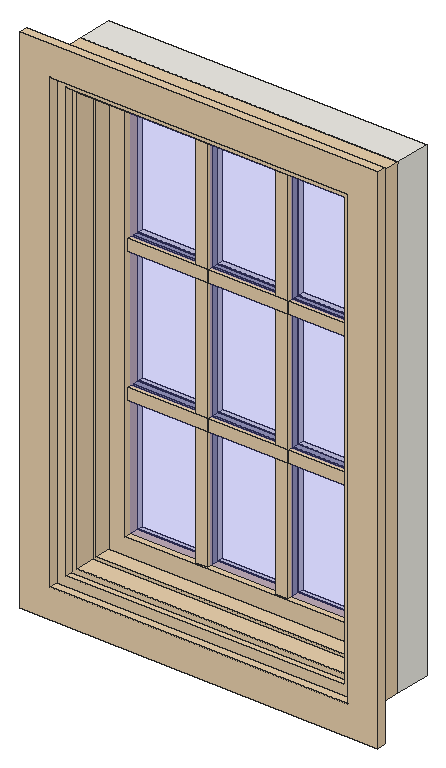
Revit family "Window-Transom-Andersen-A_Series 2", category Windows, host Wall, Revit 2013 (continued)
Dimensions and locks (in)
  aligned and locked: Masking region 13 sketch curve to plane 44 "B Int Casing"
  aligned and locked: plane 58 "Interior Casing" to Masking region 13 sketch curve
  aligned and locked: plane 38 "T Int Casing" to Masking region 13 sketch curve
  aligned and locked: plane 65 "Xjamb S1" to curve 54
  aligned and locked: host wall to curve 54
  aligned and locked: plane 56 "B Xjamb 1" to curve 54
  aligned and locked: plane 58 "Interior Casing" to curve 55
  aligned and locked: plane 56 "B Xjamb 1" to curve 55
  aligned and locked: plane 65 "Xjamb S1" to curve 52
  aligned and locked: host wall to curve 52
  aligned and locked: plane 31 "T Xjamb 1" to curve 52
  aligned and locked: plane 58 "Interior Casing" to curve 53
  aligned and locked: plane 31 "T Xjamb 1" to curve 53
  aligned and locked: Masking region 14 sketch curve to plane 65 "Xjamb S1"
  aligned and locked: plane 13 "L Xjamb 2" to Masking region 14 sketch curve
  aligned and locked: Masking region 14 sketch curve to host wall
  aligned and locked: Masking region 14 sketch curve to plane 23 "R Xjamb 2"
  aligned and locked: host wall to Masking region 15 sketch curve
  aligned and locked: plane 45 "L Int Casing" to Masking region 15 sketch curve
  aligned and locked: plane 58 "Interior Casing" to Masking region 15 sketch curve
  aligned and locked: Masking region 15 sketch curve to plane 28 "R Int Casing"
  aligned and locked: plane 65 "Xjamb S1" to curve 58
  aligned and locked: host wall to curve 58
  aligned and locked: plane 11 "L Xjamb 1" to curve 58
  aligned and locked: plane 58 "Interior Casing" to curve 59
  aligned and locked: plane 11 "L Xjamb 1" to curve 59
  aligned and locked: plane 65 "Xjamb S1" to curve 56
  aligned and locked: host wall to curve 56
  aligned and locked: plane 21 "R Xjamb 1" to curve 56
  aligned and locked: plane 58 "Interior Casing" to curve 57
  aligned and locked: plane 21 "R Xjamb 1" to curve 57
  aligned and locked: Extrusion 15 to plane 74 "L Int Frame"
  aligned and locked: plane 75 "R Int Frame" to Extrusion 15
  aligned and locked: plane 7 "T Frame" to curve 46
  aligned and locked: plane 49 "Flange" to curve 46
  aligned and locked: plane 25 "R Casing 2" to curve 5
  aligned and locked: plane 47 "Casing S2" to curve 4
  aligned and locked: plane 26 "R Casing 3" to curve 4
  aligned and locked: plane 46 "Casing S1" to curve 4
  aligned and locked: plane 15 "L Casing 2" to curve 2
  aligned and locked: plane 35 "T Casing 2" to curve 24
  aligned and locked: plane 36 "T Casing 3" to curve 23
  aligned and locked: plane 46 "Casing S1" to curve 23
  aligned and locked: Extrusion 5 sketch curve to plane 6 "B Frame"
  aligned and locked: Masking region 6 sketch curve to cut or joined group of Extrusion 5, Sweep 6
  aligned and locked: Extrusion 7 sketch curve to plane 6 "B Frame"
  aligned and locked: plane 46 "Casing S1" to curve 42
  aligned and locked: plane 46 "Casing S1" to curve 43
  aligned and locked: plane 55 "Frame S2" to curve 61
  aligned and locked: plane 55 "Frame S2" to curve 60
  aligned and locked: plane 5 "L Frame" to curve 61
  aligned and locked: plane 4 "R Frame" to curve 60
  aligned and locked: plane 49 "Flange" to curve 62
  aligned and locked: plane 37 "T Casing 4" to curve 62
  aligned and locked: plane 46 "Casing S1" to curve 63
  aligned and locked: plane 49 "Flange" to curve 63
  aligned and locked: plane 43 "B Casing 2" to curve 63
  aligned and locked: plane 49 "Flange" to curve 60
  aligned and locked: plane 49 "Flange" to curve 61
  aligned and locked: plane 49 "Flange" to curve 78
  aligned and locked: plane 4 "R Frame" to curve 78
  aligned and locked: curve 106 to plane 49 "Flange"
  aligned and locked: plane 5 "L Frame" to curve 106
  aligned and locked: plane 9 "L Ext Frame" to Extrusion 9 sketch curve
  aligned and locked: plane 30 "T Ext Frame" to Extrusion 9 sketch curve
  aligned and locked: plane 40 "B Ext Frame" to Extrusion 9 sketch curve
  aligned and locked: Extrusion 9 sketch curve to plane 19 "R Ext Frame"
  aligned and locked: plane 40 "B Ext Frame" to Extrusion 8 sketch curve
  aligned and locked: plane 19 "R Ext Frame" to Extrusion 8 sketch curve
  aligned and locked: Extrusion 8 sketch curve to plane 9 "L Ext Frame"
  aligned and locked: Extrusion 8 sketch curve to plane 30 "T Ext Frame"
  aligned and locked: Extrusion 14 sketch curve to plane 75 "R Int Frame"
  aligned and locked: Extrusion 14 sketch curve to plane 54 "Sash1 S2"
  aligned and locked: plane 54 "Sash1 S2" to Extrusion 14 sketch curve
  aligned and locked: Extrusion 14 sketch curve to plane 74 "L Int Frame"
  aligned and locked: plane 54 "Sash1 S2" to Extrusion 15 sketch curve
  aligned and locked: Extrusion 15 sketch curve to plane 72 "T Int Frame"
  aligned and locked: plane 54 "Sash1 S2" to Extrusion 13 sketch curve
  aligned and locked: plane 73 "B Int Frame" to Extrusion 13 sketch curve
  aligned and locked: plane 75 "R Int Frame" to curve 156
  aligned and locked: plane 69 "Stop S1" to curve 157
  aligned and locked: plane 20 "R Stop" to curve 157
  aligned and locked: curve 159 to plane 69 "Stop S1"
  aligned and locked: plane 74 "L Int Frame" to curve 158
  aligned and locked: plane 10 "L Stop" to curve 159
  aligned and locked: host wall to curve 51
  aligned and locked: plane 55 "Frame S2" to curve 156
  aligned and locked: plane 16 "L Casing 3" to curve 1
  aligned and locked: plane 46 "Casing S1" to curve 1
  aligned and locked: plane 66 "Sash1 S1" to curve 14
  aligned and locked: plane 10 "L Stop" to curve 17
  aligned and locked: plane 20 "R Stop" to curve 13
  aligned and locked: curve 40 to plane 77 "B Stop"
  aligned and locked: curve 172 to plane 49 "Flange"
  aligned and locked: plane 6 "B Frame" to curve 172
  aligned and locked: Extrusion 12 to plane 55 "Frame S2"
  aligned and locked: plane 55 "Frame S2" to curve 158
Automatic sketch dimensions
  curve 42 to curve 42 = 0' - 0 3/16"
  curve 13 to curve 13 = 0' - 1.2305"
  curve 68 to curve 67 = 0' - 0.335"
  curve 67 to curve 67 = 0' - 0.047"
  curve 66 to curve 72 = 0' - 0.765"
  curve 72 to curve 74 = 0' - 0.12649"
  curve 74 to curve 76 = 0' - 0.31851"
  curve 77 to curve 69 = 0' - 1.0695"
  curve 69 to curve 78 = 0' - 0.24331"
  curve 66 to curve 65 = 0' - 0.122"
  curve 71 to curve 72 = 0' - 0.122"
  curve 70 to curve 75 = 0' - 0.16349"
  curve 66 to curve 69 = 0' - 0.28859"
  curve 68 to curve 68 = 0' - 0.19341"
  curve 75 to curve 75 = 0' - 0.31851"
  curve 78 to curve 66 = 0' - 4.4565"
  curve 78 to curve 78 = 0' - 1 5/8"
  curve 78 to curve 77 = 0' - 0 5/8"
  curve 78 to curve 77 = 0' - 0.74685"
  curve 76 to curve 70 = 0' - 1.3995"
  curve 71 to curve 72 = 0' - 0.152"
  curve 73 to curve 72 = 0' - 0.001"
  curve 65 to curve 66 = 0' - 0.001"
  curve 137 to curve 137 = 0' - 0.269"
  curve 136 to curve 139 = 0' - 0.425"
  curve 139 to curve 141 = 0' - 0.225"
  curve 135 to curve 135 = 0' - 0.156"  (x2)
  curve 135 to curve 138 = 0' - 0.3505"
  curve 137 to curve 138 = 0' - 0.156"
  curve 138 to curve 140 = 0' - 1.321"
  curve 140 to curve 141 = 0' - 1.23031"
  curve 136 to curve 141 = 0' - 0"
  curve 82 to curve 81 = 0' - 0.335"
  curve 81 to curve 81 = 0' - 0.047"
  curve 80 to curve 86 = 0' - 0.765"
  curve 86 to curve 88 = 0' - 0.12649"
  curve 88 to curve 90 = 0' - 0.31851"
  curve 91 to curve 83 = 0' - 1.0695"
  curve 83 to curve 92 = 0' - 0.24331"
  curve 80 to curve 79 = 0' - 0.122"
  curve 85 to curve 86 = 0' - 0.122"
  curve 84 to curve 89 = 0' - 0.16349"
  curve 80 to curve 83 = 0' - 0.28859"
  curve 82 to curve 82 = 0' - 0.19341"
  curve 89 to curve 89 = 0' - 0.31851"
  curve 92 to curve 80 = 0' - 4.4565"
  curve 92 to curve 92 = 0' - 1 5/8"
  curve 92 to curve 91 = 0' - 0 5/8"
  curve 92 to curve 91 = 0' - 0.74685"
  curve 90 to curve 84 = 0' - 1.3995"
  curve 85 to curve 86 = 0' - 0.152"
  curve 87 to curve 86 = 0' - 0.001"
  curve 79 to curve 80 = 0' - 0.001"
  curve 144 to curve 144 = 0' - 0.269"
  curve 143 to curve 146 = 0' - 0.425"
  curve 146 to curve 148 = 0' - 0.225"
  curve 142 to curve 142 = 0' - 0.156"  (x2)
  curve 142 to curve 145 = 0' - 0.3505"
  curve 144 to curve 145 = 0' - 0.156"
  curve 145 to curve 147 = 0' - 1.321"
  curve 147 to curve 148 = 0' - 1.23031"
  curve 143 to curve 148 = 0' - 0"
  curve 95 to curve 96 = 0' - 0.335"
  curve 95 to curve 95 = 0' - 0.047"
  curve 100 to curve 94 = 0' - 0.765"
  curve 102 to curve 100 = 0' - 0.12649"
  curve 104 to curve 102 = 0' - 0.31851"
  curve 97 to curve 105 = 0' - 1.0695"
  curve 106 to curve 97 = 0' - 0.24331"
  curve 93 to curve 94 = 0' - 0.122"
  curve 100 to curve 99 = 0' - 0.122"
  curve 98 to curve 103 = 0' - 0.16349"
  curve 94 to curve 97 = 0' - 0.28859"
  curve 96 to curve 96 = 0' - 0.19341"
  curve 103 to curve 103 = 0' - 0.31851"
  curve 106 to curve 94 = 0' - 4.4565"
  curve 106 to curve 106 = 0' - 1 5/8"
  curve 106 to curve 105 = 0' - 0 5/8"
  curve 106 to curve 105 = 0' - 0.74685"
  curve 104 to curve 98 = 0' - 1.3995"
  curve 99 to curve 100 = 0' - 0.152"
  curve 101 to curve 100 = 0' - 0.001"
  curve 93 to curve 94 = 0' - 0.001"
  curve 151 to curve 151 = 0' - 0.269"
  curve 150 to curve 153 = 0' - 0.425"
  curve 153 to curve 155 = 0' - 0.225"
  curve 149 to curve 149 = 0' - 0.156"  (x2)
  curve 152 to curve 149 = 0' - 0.3505"
  curve 152 to curve 151 = 0' - 0.156"
  curve 154 to curve 152 = 0' - 1.321"
  curve 155 to curve 154 = 0' - 1.23031"
  curve 150 to curve 155 = 0' - 0"
  curve 161 to curve 161 = 0' - 0.156"
  curve 160 to curve 160 = 0' - 1.321"
  curve 164 to curve 120 = 0' - 1.23031"
  curve 119 to curve 118 = 0' - 0.31851"
  curve 118 to curve 118 = 0' - 0.12649"
  curve 116 to curve 111 = 0' - 0.765"
  curve 111 to curve 114 = 0' - 0.047"
  curve 108 to curve 107 = 0' - 1.592"
  curve 163 to curve 162 = 0' - 0.5065"
  curve 163 to curve 108 = 0' - 0.156"
  curve 117 to curve 113 = 0' - 0.122"
  curve 112 to curve 111 = 0' - 0.122"
  curve 46 to curve 107 = 0' - 0.24331"
  curve 107 to curve 107 = 0' - 1.0695"
  curve 117 to curve 111 = 0' - 0"
  curve 110 to curve 109 = 0' - 0.19341"
  curve 118 to curve 119 = 0' - 0.31851"
  curve 119 to curve 117 = 0' - 0.16349"
  curve 119 to curve 164 = 0' - 0.91299"
  curve 164 to curve 160 = 0' - 0.225"
  curve 160 to curve 162 = 0' - 0.156"
  curve 108 to curve 109 = 0' - 0.68515"
  curve 112 to curve 111 = 0' - 0"
  curve 117 to curve 115 = 0' - 0"
  curve 115 to curve 113 = 0' - 0.152"
  curve 161 to curve 162 = 0' - 0.269"
  curve 108 to curve 163 = 0' - 0.156"
  curve 107 to curve 107 = 0' - 0.12185"
  curve 107 to curve 46 = 0' - 0.74685"
  curve 46 to curve 46 = 0' - 1 5/8"
  curve 167 to curve 167 = 0' - 0.156"
  curve 166 to curve 166 = 0' - 1.321"
  curve 170 to curve 134 = 0' - 1.23031"
  curve 133 to curve 132 = 0' - 0.31851"
  curve 132 to curve 132 = 0' - 0.12649"
  curve 130 to curve 125 = 0' - 0.765"
  curve 125 to curve 128 = 0' - 0.047"
  curve 122 to curve 121 = 0' - 1.592"
  curve 169 to curve 168 = 0' - 0.5065"
  curve 169 to curve 122 = 0' - 0.156"
  curve 131 to curve 127 = 0' - 0.122"
  curve 126 to curve 125 = 0' - 0.122"
  curve 64 to curve 121 = 0' - 0.24331"
  curve 121 to curve 121 = 0' - 1.0695"
  curve 131 to curve 125 = 0' - 0"
  curve 124 to curve 123 = 0' - 0.19341"
  curve 132 to curve 133 = 0' - 0.31851"
  curve 133 to curve 131 = 0' - 0.16349"
  curve 133 to curve 170 = 0' - 0.91299"
  curve 170 to curve 166 = 0' - 0.225"
  curve 166 to curve 168 = 0' - 0.156"
  curve 122 to curve 123 = 0' - 0.68515"
  curve 126 to curve 125 = 0' - 0"
  curve 131 to curve 129 = 0' - 0"
  curve 129 to curve 127 = 0' - 0.152"
  curve 167 to curve 168 = 0' - 0.269"
  curve 122 to curve 169 = 0' - 0.156"
  curve 121 to curve 121 = 0' - 0.12185"
  curve 121 to curve 64 = 0' - 0.74685"
  curve 64 to curve 64 = 0' - 1 5/8"
  curve 188 to curve 188 = 0' - 0.156"
  curve 187 to curve 187 = 0' - 1.321"
  curve 191 to curve 186 = 0' - 1.23031"
  curve 185 to curve 184 = 0' - 0.31851"
  curve 184 to curve 184 = 0' - 0.12649"
  curve 182 to curve 177 = 0' - 0.765"
  curve 177 to curve 180 = 0' - 0.047"
  curve 174 to curve 173 = 0' - 1.592"
  curve 190 to curve 189 = 0' - 0.5065"
  curve 190 to curve 174 = 0' - 0.156"
  curve 183 to curve 179 = 0' - 0.122"
  curve 178 to curve 177 = 0' - 0.122"
  curve 172 to curve 173 = 0' - 0.24331"
  curve 173 to curve 173 = 0' - 1.0695"
  curve 183 to curve 177 = 0' - 0"
  curve 176 to curve 175 = 0' - 0.19341"
  curve 184 to curve 185 = 0' - 0.31851"
  curve 185 to curve 183 = 0' - 0.16349"
  curve 185 to curve 191 = 0' - 0.91299"
  curve 191 to curve 187 = 0' - 0.225"
  curve 187 to curve 189 = 0' - 0.156"
  curve 174 to curve 175 = 0' - 0.68515"
  curve 178 to curve 177 = 0' - 0"
  curve 183 to curve 181 = 0' - 0"
  curve 181 to curve 179 = 0' - 0.152"
  curve 188 to curve 189 = 0' - 0.269"
  curve 174 to curve 190 = 0' - 0.156"
  curve 173 to curve 173 = 0' - 0.12185"
  curve 173 to curve 172 = 0' - 0.74685"
  curve 172 to curve 172 = 0' - 1 5/8"
  curve 62 to plane 46 "Casing S1" = 0' - 0"
  curve 12 to plane 54 "Sash1 S2" = 0' - 0"
  curve 6 to plane 22 "R Casing 1" = 0' - 0"
  curve 14 to plane 67 "R Sash" = 0' - 0"
  curve 14 to plane 48 "Frame S1" = 0' - 0"
  curve 43 to plane 48 "Frame S1" = 0' - 0"
  curve 42 to plane 4 "R Frame" = 0' - 0"
  curve 42 to plane 48 "Frame S1" = 0' - 0"
  curve 6 to plane 48 "Frame S1" = 0' - 0"
  host wall to curve 20 = 0' - 0"
  curve 44 to plane 54 "Sash1 S2" = 0' - 0"
  curve 45 to plane 54 "Sash1 S2" = 0' - 0"
  curve 51 to plane 5 "L Frame" = 0' - 0.02356"
Nested families (in)
  nested 1: "Andersen Grille Bar" at (0, 0.42381, 65.4375) x (-1, 0, 0) z (0, 1, 0), Center Line <- "Bar Center Line", Bar Length <- "TS V Bar Length", Bar Width <- "Grille Bar Size", visible <- "TS S V", type "Andersen Grille Bar"
    with Glass / 2 0' - 0 1/8", Glass 0' - 0 5/8", Center Line Length 2' - 5 3/8", Center Line 2, Bar Width 0' - 0 7/8", Bar Length 2' - 5 3/8"
  nested 2: "Andersen Grille Bar" at (0, 0.42381, 65.4375) x (0, 0, -1) z (0, 1, 0), Bar Length <- "H DLO", visible <- "TS S H", Bar Width <- "Horizontal Craftsman Bar Size", type "Andersen Grille Bar"
    with Glass / 2 0' - 0 1/8", Glass 0' - 0 5/8", Center Line Length 1' - 5 3/8", Center Line 2, Bar Width 0' - 0 7/8", Bar Length 1' - 5 3/8"
  nested 3: "Andersen Grille Bar" at (3.04167, 0.42381, 65.4375) x (-1, 0, 0) z (0, 1, 0), Center Line <- "Bar Center Line", Bar Length <- "TS V Bar Length", Bar Width <- "Grille Bar Size", visible <- "TS M V", type "Andersen Grille Bar"
    with Glass / 2 0' - 0 1/8", Glass 0' - 0 5/8", Center Line Length 2' - 5 3/8", Center Line 2, Bar Width 0' - 0 7/8", Bar Length 2' - 5 3/8"
  nested 4: "Andersen Grille Bar" at (0, 0.42381, 60.39583) x (0, 0, -1) z (0, 1, 0), Center Line <- "Bar Center Line", Bar Length <- "H DLO", visible <- "TS M H", Bar Width <- "Grille Bar Size", type "Andersen Grille Bar"
    with Glass / 2 0' - 0 1/8", Glass 0' - 0 5/8", Center Line Length 1' - 5 3/8", Center Line 2, Bar Width 0' - 0 7/8", Bar Length 1' - 5 3/8"
  nested 5: "Andersen Grille Bar" at (-3.04167, 0.42381, 65.4375) x (-1, 0, 0) z (0, 1, 0), Center Line <- "Bar Center Line", Bar Length <- "TS V Bar Length", Bar Width <- "Grille Bar Size", visible <- "TS M V", type "Andersen Grille Bar"
    with Glass / 2 0' - 0 1/8", Glass 0' - 0 5/8", Center Line Length 2' - 5 3/8", Center Line 2, Bar Width 0' - 0 7/8", Bar Length 2' - 5 3/8"
  nested 6: "Andersen Grille Bar" at (0, 0.42381, 70.47917) x (0, 0, -1) z (0, 1, 0), Center Line <- "Bar Center Line", Bar Length <- "H DLO", visible <- "TS M H", Bar Width <- "Grille Bar Size", type "Andersen Grille Bar"
    with Glass / 2 0' - 0 1/8", Glass 0' - 0 5/8", Center Line Length 1' - 5 3/8", Center Line 2, Bar Width 0' - 0 7/8", Bar Length 1' - 5 3/8"
  nested 7: "Andersen Grille Bar" at (0, 0.42381, 65.4375) x (0, 0, -1) z (0, 1, 0), Bar Length <- "H DLO", visible <- "TS S H Craftsman", Bar Width <- "Grille Bar Size", type "Andersen Grille Bar"
    with Glass / 2 0' - 0 1/8", Glass 0' - 0 5/8", Center Line Length 1' - 5 3/8", Center Line 2, Bar Width 0' - 0 7/8", Bar Length 1' - 5 3/8"
Definition of nested family "Andersen Grille Bar"
  Parameters (values of type "Andersen Grille Bar")
    Interior Bar Visibility = yes
    Interior Bar Material = none
    Glass / 2 [instance] = (Glass / 2) - 0' 0 3/16"  # 0' - 0 1/8"
    Glass [instance] = 0' - 0 5/8"
    Exterior Bar Visibility = yes
    Exterior Bar Finish = none
    Default Elevation = 4' - 0"
    Center Line Length [instance] = if(Center Line = 1, Bar Length + (Bar Width / 2), Bar Length)  # 0' - 4 7/16"
    Center Line [instance] = 1
    Between Glass Bar Visibility = yes
    Between Glass Bar Finish = none
    Bar Width [instance] = 0' - 0 7/8"
    Bar Length [instance] = 0' - 4"
  Reference planes (in)
    plane 1 "Center (Front/Back)": y = 0
    plane 2 "a": z = 0
    plane 3 "Center (Left/Right)": x = 0
    plane 4 "1": x = -0.4375
    plane 5 "2": x = 0.4375
    plane 6: y = 2
    plane 7: y = -2
    plane 8 "b": z = -0.625
    plane 9: z = -0.125
    plane 10: y = -2.4375
    plane 11 "a1": z = 12
    plane 12 "a2": z = -12
  Forms (in)
    Extrusion 1, solid
      sketch origin (0, 0, 0) x (1, 0, 0) y (0, 1, 0)
        loop
          line (-48, 48) -> (-48, -48) -> (48, -48) -> (48, 48) -> (-48, 48)
      from 0 to -12
    Extrusion 2, solid, material <- "Exterior Bar Finish", visible <- "Exterior Bar Visibility", detail levels fine
      sketch origin (0, 0, 0) x (1, 0, 0) y (0, 1, 0)
        loop
          line (-0.4375, 2) -> (-0.4375, -2) -> (0.4375, -2) -> (0.4375, 2) -> (-0.4375, 2)
      from 0 to 0.375
    Extrusion 3, solid, material <- "Between Glass Bar Finish", visible <- "Between Glass Bar Visibility", detail levels fine
      sketch origin (0, 0, 0) x (1, 0, 0) y (0, 1, 0)
        loop
          line (-0.4375, 2) -> (-0.4375, -2) -> (0.4375, -2) -> (0.4375, 2) -> (-0.4375, 2)
      from -0.5 to -0.125
    Extrusion 4, solid, material <- "Interior Bar Material", visible <- "Interior Bar Visibility", detail levels fine
      sketch origin (0, 0, 0) x (1, 0, 0) y (0, 1, 0)
        loop
          line (-0.4375, 2) -> (-0.4375, -2) -> (0.4375, -2) -> (0.4375, 2) -> (-0.4375, 2)
      from -1 to -0.625
  Lines and regions (in)
    model lines, style "GenericModel", detail levels coarse+medium
      curve 1: line (0, 2, 0) -> (0, -2.4375, 0)
    symbolic lines, style "GenericModel", detail levels coarse+medium
      curve 2: line (0, 2, 12) -> (0, -2.4375, 12)
      curve 3: line (0, 2, -12) -> (0, -2.4375, -12)
    model lines, style "InvisibleLines", not visible, detail levels coarse
      curve 4: line (0, 0, 12) -> (0, 0, -12)
    symbolic lines, detail levels fine
      curve 5: line (-0.4375, 2, 0) -> (-0.4375, -2, 0)
      curve 6: line (0.4375, 2, 0) -> (0.4375, -2, 0)
  Dimensions and locks (in)
    "Glass": plane 2 "a" to plane 8 "b"
    "Glass / 2": plane 2 "a" to plane 9
    locked: Extrusion 2 to Extrusion 2 at 0.375
    locked: plane 9 to Extrusion 3 at 0.375
    locked: plane 8 "b" to Extrusion 4 at 0.375
    equal spacing: plane 4 "1", plane 3 "Center (Left/Right)", plane 5 "2"
    equal spacing: plane 6, plane 1 "Center (Front/Back)", plane 7
    "Bar Width": plane 4 "1" to plane 5 "2"
    "Bar Length": plane 6 to plane 7
    "Center Line Length": plane 6 to plane 10
    locked: plane 11 "a1" to plane 2 "a" at 12
    locked: plane 2 "a" to plane 12 "a2" at 12
    aligned and locked: plane 2 "a" to Extrusion 1
    aligned and locked: level to Extrusion 1
    aligned and locked: Extrusion 2 to plane 2 "a"
    aligned and locked: Extrusion 2 to plane 4 "1"
    aligned and locked: plane 5 "2" to Extrusion 2
    aligned and locked: plane 6 to Extrusion 2
    aligned and locked: Extrusion 2 to plane 7
    aligned and locked: plane 9 to Extrusion 3
    aligned and locked: Extrusion 3 to plane 4 "1"
    aligned and locked: plane 5 "2" to Extrusion 3
    aligned and locked: plane 6 to Extrusion 3
    aligned and locked: Extrusion 3 to plane 7
    aligned and locked: plane 8 "b" to Extrusion 4
    aligned and locked: Extrusion 4 to plane 4 "1"
    aligned and locked: plane 5 "2" to Extrusion 4
    aligned and locked: plane 6 to Extrusion 4
    aligned and locked: Extrusion 4 to plane 7
    aligned and locked: plane 6 to curve 1
    aligned and locked: plane 10 to curve 1
    aligned and locked: curve 1 to plane 3 "Center (Left/Right)"
    aligned and locked: plane 6 to curve 2
    aligned and locked: plane 10 to curve 2
    aligned and locked: curve 2 to plane 3 "Center (Left/Right)"
    aligned and locked: plane 6 to curve 3
    aligned and locked: plane 10 to curve 3
    aligned and locked: curve 3 to plane 3 "Center (Left/Right)"
    aligned and locked: plane 11 "a1" to curve 4
    aligned and locked: plane 12 "a2" to curve 4
    aligned and locked: curve 4 to plane 1 "Center (Front/Back)"
    aligned and locked: plane 6 to curve 5
    aligned and locked: plane 6 to curve 6
    aligned and locked: plane 7 to curve 6
    aligned and locked: plane 7 to curve 5
    aligned and locked: curve 5 to plane 4 "1"
    aligned and locked: curve 6 to plane 5 "2"
  Automatic sketch dimensions
    Extrusion 1 sketch curve to Extrusion 1 sketch curve = 8' - 0"  (x2)
    plane 7 to Extrusion 2 sketch curve = 0' - 0"
    Extrusion 2 sketch curve to plane 5 "2" = 0' - 0 7/8"
    Extrusion 2 sketch curve to plane 6 = 0' - 0"
    Extrusion 2 sketch curve to Extrusion 2 sketch curve = 0' - 0 7/8"
    plane 7 to Extrusion 3 sketch curve = 0' - 0"
    Extrusion 3 sketch curve to plane 5 "2" = 0' - 0 7/8"
    Extrusion 3 sketch curve to plane 6 = 0' - 0"
    Extrusion 3 sketch curve to Extrusion 3 sketch curve = 0' - 0 7/8"
    Extrusion 4 sketch curve to plane 7 = 0' - 0"
    Extrusion 4 sketch curve to plane 5 "2" = 0' - 0 7/8"
    Extrusion 4 sketch curve to plane 6 = 0' - 0"
    Extrusion 4 sketch curve to Extrusion 4 sketch curve = 0' - 0 7/8"
Types (4): name | LWide | Fractional Lights Wide | Fractional Lights High | . . Lights Wide | . . Lights High | VGB DLO | V Bars | TS V DLO | TS V Bar Length | TS SH DLO | TS M H | TS HGB DLO | Rough Width | Rough Height | Masonry Width | Masonry Height | Height | H DLO | Designation | Default Sill Height | Width
  71-1/4" x 39-1/4" | 3 | 7 | 3 | 3 | 3 | 0' - 5.20833" | 2 | 2' - 5 3/8" | 2' - 5 3/8" | 1' - 6" | yes | 0' - 9.20833" | 2' - 0 3/4" | 3' - 0 3/4" | 2' - 0 3/4" | 3' - 0 3/4" | 3' - 0" | 1' - 5 3/8" | "ATF6034" | 3' - 9 3/4" | 2' - 0"
  67-1/4" x 21-1/4" | 7 | 7 | 1 | 7 | 1 | 0' - 7.91071" | 6 | 1' - 2 5/8" | 1' - 2 5/8" | 0' - 10 5/8" | no | 0' - 4" | 5' - 8" | 1' - 10" | 5' - 8" | 1' - 10" | 1' - 9 1/4" | 5' - 0 5/8" | "ATV58110" | 5' - 0 1/2" | 5' - 7 1/4"
  33-1/4" x 39-1/4" | 3 | 3 | 3 | 3 | 3 | 0' - 8.29167" | 2 | 2' - 8 5/8" | 2' - 8 5/8" | 1' - 7 5/8" | yes | 0' - 10.29167" | 2' - 10" | 3' - 4" | 2' - 10" | 3' - 4" | 3' - 3 1/4" | 2' - 2 5/8" | "ATF21034" | 3' - 6 1/2" | 2' - 9 1/4"
  15-1/4" x 11-1/4" | 3 | 2 | 2 | 3 | 3 | 0' - 2.29167" | 2 | 0' - 4 5/8" | 0' - 4 5/8" | 0' - 5 5/8" | yes | 0' - 0.95833" | 1' - 4" | 1' - 0" | 1' - 4" | 1' - 0" | 0' - 11 1/4" | 0' - 8 5/8" | "ATF1410" | 5' - 10 1/2" | 1' - 3 1/4"
